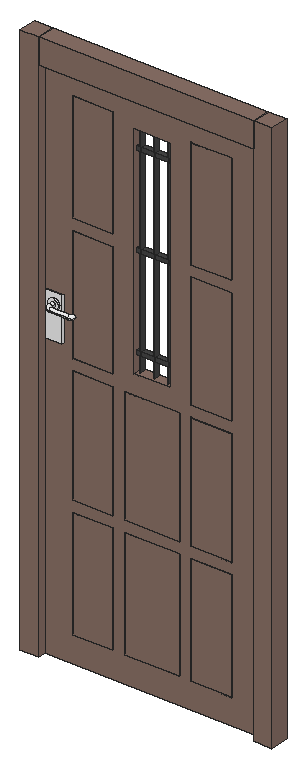
Revit family "DTI_A3-BSQTZMSOHS", category Doors, host Wall, Revit 2016 (continued)
Lines and regions (mm)
  model lines, style "Embossed carving"
    curve 929: arc (-222.81, 35, 1764.018) -> (-219.019, 35, 1762.707) -> (-216.497, 35, 1765.828) r 3.491
    curve 930: arc (-216.497, 35, 1765.828) -> (-209.668, 35, 1763.642) -> (-202.838, 35, 1765.828) r 11.764
    curve 931: arc (-202.838, 35, 1765.828) -> (-204.621, 35, 1763.524) -> (-206.924, 35, 1761.741) r 11.531
    curve 932: arc (-206.924, 35, 1761.741) -> (-203.842, 35, 1760.751) -> (-201.52, 35, 1758.494) r 7.098
    curve 933: arc (-201.52, 35, 1758.494) -> (-203.028, 35, 1755.731) -> (-206.074, 35, 1754.936) r 3.966
    curve 934: arc (-206.074, 35, 1754.936) -> (-201.77, 35, 1746.02) -> (-199.336, 35, 1736.423) r 49.267
    curve 935: arc (-199.336, 35, 1736.423) -> (-201.095, 35, 1726.202) -> (-208.585, 35, 1719.028) r 16.574
    curve 936: arc (-208.585, 35, 1719.028) -> (-201.095, 35, 1711.853) -> (-199.336, 35, 1701.632) r 16.574
    curve 937: arc (-199.336, 35, 1701.632) -> (-201.77, 35, 1692.035) -> (-206.074, 35, 1683.119) r 49.267
    curve 938: arc (-206.074, 35, 1683.119) -> (-203.028, 35, 1682.324) -> (-201.52, 35, 1679.561) r 3.966
    curve 939: arc (-201.52, 35, 1679.561) -> (-203.842, 35, 1677.305) -> (-206.924, 35, 1676.314) r 7.098
    curve 940: arc (-206.924, 35, 1676.314) -> (-204.621, 35, 1674.531) -> (-202.838, 35, 1672.227) r 11.531
    curve 941: arc (-202.838, 35, 1672.227) -> (-209.668, 35, 1674.413) -> (-216.497, 35, 1672.227) r 11.764
    curve 942: arc (-216.497, 35, 1672.227) -> (-219.019, 35, 1675.348) -> (-222.81, 35, 1674.038) r 3.491
    curve 943: arc (-222.81, 35, 1674.038) -> (-222.126, 35, 1672.733) -> (-222.066, 35, 1671.26) r 3.36
    curve 944: arc (-222.066, 35, 1671.26) -> (-224.471, 35, 1670.959) -> (-225.934, 35, 1669.028) r 3.118
    curve 945: arc (-225.934, 35, 1669.028) -> (-226.296, 35, 1670.121) -> (-226.973, 35, 1671.053) r 3.748
    curve 946: arc (-226.973, 35, 1767.002) -> (-227.651, 35, 1767.934) -> (-228.013, 35, 1769.028) r 3.748
    curve 947: arc (-228.013, 35, 1769.028) -> (-229.476, 35, 1767.096) -> (-231.88, 35, 1766.795) r 3.118
    curve 948: arc (-231.88, 35, 1766.795) -> (-231.82, 35, 1765.323) -> (-231.136, 35, 1764.018) r 3.36
    curve 949: arc (-231.136, 35, 1764.018) -> (-234.928, 35, 1762.707) -> (-237.449, 35, 1765.828) r 3.491
    curve 950: arc (-237.449, 35, 1765.828) -> (-244.279, 35, 1763.642) -> (-251.109, 35, 1765.828) r 11.764
    curve 951: arc (-251.109, 35, 1765.828) -> (-249.326, 35, 1763.524) -> (-247.022, 35, 1761.741) r 11.531
    curve 952: arc (-247.022, 35, 1761.741) -> (-250.105, 35, 1760.751) -> (-252.426, 35, 1758.494) r 7.098
    curve 953: arc (-252.426, 35, 1758.494) -> (-250.918, 35, 1755.731) -> (-247.872, 35, 1754.936) r 3.966
    curve 954: arc (-247.872, 35, 1754.936) -> (-252.176, 35, 1746.02) -> (-254.611, 35, 1736.423) r 49.267
    curve 955: arc (-254.611, 35, 1736.423) -> (-252.851, 35, 1726.202) -> (-245.361, 35, 1719.028) r 16.574
    curve 956: arc (-245.361, 35, 1719.028) -> (-252.851, 35, 1711.853) -> (-254.611, 35, 1701.632) r 16.574
    curve 957: arc (-254.611, 35, 1701.632) -> (-252.176, 35, 1692.035) -> (-247.872, 35, 1683.119) r 49.267
    curve 958: arc (-247.872, 35, 1683.119) -> (-250.918, 35, 1682.324) -> (-252.426, 35, 1679.561) r 3.966
    curve 959: arc (-252.426, 35, 1679.561) -> (-250.105, 35, 1677.305) -> (-247.022, 35, 1676.314) r 7.098
    curve 960: arc (-247.022, 35, 1676.314) -> (-249.326, 35, 1674.531) -> (-251.109, 35, 1672.227) r 11.531
    curve 961: arc (-251.109, 35, 1672.227) -> (-244.279, 35, 1674.413) -> (-237.449, 35, 1672.227) r 11.764
    curve 962: arc (-237.449, 35, 1672.227) -> (-234.928, 35, 1675.348) -> (-231.136, 35, 1674.038) r 3.491
    curve 963: arc (-231.136, 35, 1674.038) -> (-231.82, 35, 1672.733) -> (-231.88, 35, 1671.26) r 3.36
    curve 964: arc (-231.88, 35, 1671.26) -> (-229.476, 35, 1670.959) -> (-228.013, 35, 1669.028) r 3.118
    curve 965: arc (-228.013, 35, 1669.028) -> (-227.651, 35, 1670.121) -> (-226.973, 35, 1671.053) r 3.748
    curve 966: arc (-226.973, 35, 1622.002) -> (-226.296, 35, 1622.934) -> (-225.934, 35, 1624.028) r 3.748
    curve 967: arc (-225.934, 35, 1624.028) -> (-224.471, 35, 1622.096) -> (-222.066, 35, 1621.795) r 3.118
    curve 968: arc (-222.066, 35, 1621.795) -> (-222.126, 35, 1620.323) -> (-222.81, 35, 1619.018) r 3.36
    curve 969: arc (-222.81, 35, 1619.018) -> (-219.019, 35, 1617.707) -> (-216.497, 35, 1620.828) r 3.491
    curve 970: arc (-216.497, 35, 1620.828) -> (-209.668, 35, 1618.642) -> (-202.838, 35, 1620.828) r 11.764
    curve 971: arc (-202.838, 35, 1620.828) -> (-204.621, 35, 1618.524) -> (-206.924, 35, 1616.741) r 11.531
    curve 972: arc (-206.924, 35, 1616.741) -> (-203.842, 35, 1615.751) -> (-201.52, 35, 1613.494) r 7.098
    curve 973: arc (-201.52, 35, 1613.494) -> (-203.028, 35, 1610.731) -> (-206.074, 35, 1609.936) r 3.966
    curve 974: arc (-206.074, 35, 1609.936) -> (-201.77, 35, 1601.02) -> (-199.336, 35, 1591.423) r 49.267
    curve 975: arc (-199.336, 35, 1591.423) -> (-201.095, 35, 1581.202) -> (-208.585, 35, 1574.028) r 16.574
    curve 976: arc (-208.585, 35, 1574.028) -> (-201.095, 35, 1566.853) -> (-199.336, 35, 1556.632) r 16.574
    curve 977: arc (-199.336, 35, 1556.632) -> (-201.77, 35, 1547.035) -> (-206.074, 35, 1538.119) r 49.267
    curve 978: arc (-206.074, 35, 1538.119) -> (-203.028, 35, 1537.324) -> (-201.52, 35, 1534.561) r 3.966
    curve 979: arc (-201.52, 35, 1534.561) -> (-203.842, 35, 1532.305) -> (-206.924, 35, 1531.314) r 7.098
    curve 980: arc (-206.924, 35, 1531.314) -> (-204.621, 35, 1529.531) -> (-202.838, 35, 1527.227) r 11.531
    curve 981: arc (-202.838, 35, 1527.227) -> (-209.668, 35, 1529.413) -> (-216.497, 35, 1527.227) r 11.764
    curve 982: arc (-216.497, 35, 1527.227) -> (-219.019, 35, 1530.348) -> (-222.81, 35, 1529.038) r 3.491
    curve 983: arc (-222.81, 35, 1529.038) -> (-222.126, 35, 1527.733) -> (-222.066, 35, 1526.26) r 3.36
    curve 984: arc (-222.066, 35, 1526.26) -> (-224.471, 35, 1525.959) -> (-225.934, 35, 1524.028) r 3.118
    curve 985: arc (-225.934, 35, 1524.028) -> (-226.296, 35, 1525.121) -> (-226.973, 35, 1526.053) r 3.748
    curve 986: arc (-226.973, 35, 1622.002) -> (-227.651, 35, 1622.934) -> (-228.013, 35, 1624.028) r 3.748
    curve 987: arc (-228.013, 35, 1624.028) -> (-229.476, 35, 1622.096) -> (-231.88, 35, 1621.795) r 3.118
    curve 988: arc (-231.88, 35, 1621.795) -> (-231.82, 35, 1620.323) -> (-231.136, 35, 1619.018) r 3.36
    curve 989: arc (-231.136, 35, 1619.018) -> (-234.928, 35, 1617.707) -> (-237.449, 35, 1620.828) r 3.491
    curve 990: arc (-237.449, 35, 1620.828) -> (-244.279, 35, 1618.642) -> (-251.109, 35, 1620.828) r 11.764
    curve 991: arc (-251.109, 35, 1620.828) -> (-249.326, 35, 1618.524) -> (-247.022, 35, 1616.741) r 11.531
    curve 992: arc (-247.022, 35, 1616.741) -> (-250.105, 35, 1615.751) -> (-252.426, 35, 1613.494) r 7.098
    curve 993: arc (-252.426, 35, 1613.494) -> (-250.918, 35, 1610.731) -> (-247.872, 35, 1609.936) r 3.966
    curve 994: arc (-247.872, 35, 1609.936) -> (-252.176, 35, 1601.02) -> (-254.611, 35, 1591.423) r 49.267
    curve 995: arc (-254.611, 35, 1591.423) -> (-252.851, 35, 1581.202) -> (-245.361, 35, 1574.028) r 16.574
    curve 996: arc (-245.361, 35, 1574.028) -> (-252.851, 35, 1566.853) -> (-254.611, 35, 1556.632) r 16.574
    curve 997: arc (-254.611, 35, 1556.632) -> (-252.176, 35, 1547.035) -> (-247.872, 35, 1538.119) r 49.267
    curve 998: arc (-247.872, 35, 1538.119) -> (-250.918, 35, 1537.324) -> (-252.426, 35, 1534.561) r 3.966
    curve 999: arc (-252.426, 35, 1534.561) -> (-250.105, 35, 1532.305) -> (-247.022, 35, 1531.314) r 7.098
    curve 1000: arc (-247.022, 35, 1531.314) -> (-249.326, 35, 1529.531) -> (-251.109, 35, 1527.227) r 11.531
    curve 1001: arc (-251.109, 35, 1527.227) -> (-244.279, 35, 1529.413) -> (-237.449, 35, 1527.227) r 11.764
    curve 1002: arc (-237.449, 35, 1527.227) -> (-234.928, 35, 1530.348) -> (-231.136, 35, 1529.038) r 3.491
    curve 1003: arc (-231.136, 35, 1529.038) -> (-231.82, 35, 1527.733) -> (-231.88, 35, 1526.26) r 3.36
    curve 1004: arc (-231.88, 35, 1526.26) -> (-229.476, 35, 1525.959) -> (-228.013, 35, 1524.028) r 3.118
    curve 1005: arc (-228.013, 35, 1524.028) -> (-227.651, 35, 1525.121) -> (-226.973, 35, 1526.053) r 3.748
    curve 1006: arc (223.027, 35, 1903.137) -> (223.704, 35, 1904.069) -> (224.066, 35, 1905.163) r 3.748
    curve 1007: arc (224.066, 35, 1905.163) -> (225.529, 35, 1903.231) -> (227.934, 35, 1902.93) r 3.118
    curve 1008: arc (227.934, 35, 1902.93) -> (227.874, 35, 1901.458) -> (227.19, 35, 1900.153) r 3.36
    curve 1009: arc (227.19, 35, 1900.153) -> (230.981, 35, 1898.842) -> (233.503, 35, 1901.963) r 3.491
    curve 1010: arc (233.503, 35, 1901.963) -> (240.332, 35, 1899.777) -> (247.162, 35, 1901.963) r 11.764
    curve 1011: arc (247.162, 35, 1901.963) -> (245.379, 35, 1899.66) -> (243.076, 35, 1897.877) r 11.531
    curve 1012: arc (243.076, 35, 1897.877) -> (246.158, 35, 1896.886) -> (248.48, 35, 1894.629) r 7.098
    curve 1013: arc (248.48, 35, 1894.629) -> (246.972, 35, 1891.866) -> (243.926, 35, 1891.072) r 3.966
    curve 1014: arc (243.926, 35, 1891.072) -> (248.23, 35, 1882.155) -> (250.664, 35, 1872.558) r 49.267
    curve 1015: arc (250.664, 35, 1872.558) -> (248.905, 35, 1862.337) -> (241.415, 35, 1855.163) r 16.574
    curve 1016: arc (241.415, 35, 1855.163) -> (248.905, 35, 1847.989) -> (250.664, 35, 1837.767) r 16.574
    curve 1017: arc (250.664, 35, 1837.767) -> (248.23, 35, 1828.17) -> (243.926, 35, 1819.254) r 49.267
    curve 1018: arc (243.926, 35, 1819.254) -> (246.972, 35, 1818.459) -> (248.48, 35, 1815.696) r 3.966
    curve 1019: arc (248.48, 35, 1815.696) -> (246.158, 35, 1813.44) -> (243.076, 35, 1812.449) r 7.098
    curve 1020: arc (243.076, 35, 1812.449) -> (245.379, 35, 1810.666) -> (247.162, 35, 1808.363) r 11.531
    curve 1021: arc (247.162, 35, 1808.363) -> (240.332, 35, 1810.548) -> (233.503, 35, 1808.363) r 11.764
    curve 1022: arc (233.503, 35, 1808.363) -> (230.981, 35, 1811.483) -> (227.19, 35, 1810.173) r 3.491
    curve 1023: arc (227.19, 35, 1810.173) -> (227.874, 35, 1808.868) -> (227.934, 35, 1807.396) r 3.36
    curve 1024: arc (227.934, 35, 1807.396) -> (225.529, 35, 1807.095) -> (224.066, 35, 1805.163) r 3.118
    curve 1025: arc (224.066, 35, 1805.163) -> (223.704, 35, 1806.257) -> (223.027, 35, 1807.189) r 3.748
    curve 1026: arc (223.027, 35, 1903.137) -> (222.349, 35, 1904.069) -> (221.987, 35, 1905.163) r 3.748
    curve 1027: arc (221.987, 35, 1905.163) -> (220.524, 35, 1903.231) -> (218.12, 35, 1902.93) r 3.118
    curve 1028: arc (218.12, 35, 1902.93) -> (218.18, 35, 1901.458) -> (218.864, 35, 1900.153) r 3.36
    curve 1029: arc (218.864, 35, 1900.153) -> (215.072, 35, 1898.842) -> (212.551, 35, 1901.963) r 3.491
    curve 1030: arc (212.551, 35, 1901.963) -> (205.721, 35, 1899.777) -> (198.891, 35, 1901.963) r 11.764
    curve 1031: arc (198.891, 35, 1901.963) -> (200.674, 35, 1899.66) -> (202.978, 35, 1897.877) r 11.531
    curve 1032: arc (202.978, 35, 1897.877) -> (199.895, 35, 1896.886) -> (197.574, 35, 1894.629) r 7.098
    curve 1033: arc (197.574, 35, 1894.629) -> (199.082, 35, 1891.866) -> (202.128, 35, 1891.072) r 3.966
    curve 1034: arc (202.128, 35, 1891.072) -> (197.824, 35, 1882.155) -> (195.389, 35, 1872.558) r 49.267
    curve 1035: arc (195.389, 35, 1872.558) -> (197.149, 35, 1862.337) -> (204.639, 35, 1855.163) r 16.574
    curve 1036: arc (204.639, 35, 1855.163) -> (197.149, 35, 1847.989) -> (195.389, 35, 1837.767) r 16.574
    curve 1037: arc (195.389, 35, 1837.767) -> (197.824, 35, 1828.17) -> (202.128, 35, 1819.254) r 49.267
    curve 1038: arc (202.128, 35, 1819.254) -> (199.082, 35, 1818.459) -> (197.574, 35, 1815.696) r 3.966
    curve 1039: arc (197.574, 35, 1815.696) -> (199.895, 35, 1813.44) -> (202.978, 35, 1812.449) r 7.098
    curve 1040: arc (202.978, 35, 1812.449) -> (200.674, 35, 1810.666) -> (198.891, 35, 1808.363) r 11.531
    curve 1041: arc (198.891, 35, 1808.363) -> (205.721, 35, 1810.548) -> (212.551, 35, 1808.363) r 11.764
    curve 1042: arc (212.551, 35, 1808.363) -> (215.072, 35, 1811.483) -> (218.864, 35, 1810.173) r 3.491
    curve 1043: arc (218.864, 35, 1810.173) -> (218.18, 35, 1808.868) -> (218.12, 35, 1807.396) r 3.36
    curve 1044: arc (218.12, 35, 1807.396) -> (220.524, 35, 1807.095) -> (221.987, 35, 1805.163) r 3.118
    curve 1045: arc (221.987, 35, 1805.163) -> (222.349, 35, 1806.257) -> (223.027, 35, 1807.189) r 3.748
    curve 1126: arc (223.027, -5, 1767.263) -> (223.704, -5, 1768.195) -> (224.066, -5, 1769.288) r 3.748
    curve 1127: arc (224.066, -5, 1769.288) -> (225.529, -5, 1767.357) -> (227.934, -5, 1767.056) r 3.118
    curve 1128: arc (227.934, -5, 1767.056) -> (227.874, -5, 1765.584) -> (227.19, -5, 1764.279) r 3.36
    curve 1129: arc (227.19, -5, 1764.279) -> (230.981, -5, 1762.968) -> (233.503, -5, 1766.089) r 3.491
    curve 1130: arc (233.503, -5, 1766.089) -> (240.332, -5, 1763.903) -> (247.162, -5, 1766.089) r 11.764
    curve 1131: arc (247.162, -5, 1766.089) -> (245.379, -5, 1763.785) -> (243.076, -5, 1762.002) r 11.531
    curve 1132: arc (243.076, -5, 1762.002) -> (246.158, -5, 1761.012) -> (248.48, -5, 1758.755) r 7.098
    curve 1133: arc (248.48, -5, 1758.755) -> (246.972, -5, 1755.992) -> (243.926, -5, 1755.197) r 3.966
    curve 1134: arc (243.926, -5, 1755.197) -> (248.23, -5, 1746.281) -> (250.664, -5, 1736.684) r 49.267
    curve 1135: arc (250.664, -5, 1736.684) -> (248.905, -5, 1726.463) -> (241.415, -5, 1719.288) r 16.574
    curve 1136: arc (241.415, -5, 1719.288) -> (248.905, -5, 1712.114) -> (250.664, -5, 1701.893) r 16.574
    curve 1137: arc (250.664, -5, 1701.893) -> (248.23, -5, 1692.296) -> (243.926, -5, 1683.38) r 49.267
    curve 1138: arc (243.926, -5, 1683.38) -> (246.972, -5, 1682.585) -> (248.48, -5, 1679.822) r 3.966
    curve 1139: arc (248.48, -5, 1679.822) -> (246.158, -5, 1677.565) -> (243.076, -5, 1676.575) r 7.098
    curve 1140: arc (243.076, -5, 1676.575) -> (245.379, -5, 1674.792) -> (247.162, -5, 1672.488) r 11.531
    curve 1141: arc (247.162, -5, 1672.488) -> (240.332, -5, 1674.674) -> (233.503, -5, 1672.488) r 11.764
    curve 1142: arc (233.503, -5, 1672.488) -> (230.981, -5, 1675.609) -> (227.19, -5, 1674.298) r 3.491
    curve 1143: arc (227.19, -5, 1674.298) -> (227.874, -5, 1672.993) -> (227.934, -5, 1671.521) r 3.36
    curve 1144: arc (227.934, -5, 1671.521) -> (225.529, -5, 1671.22) -> (224.066, -5, 1669.288) r 3.118
    curve 1145: arc (224.066, -5, 1669.288) -> (223.704, -5, 1670.382) -> (223.027, -5, 1671.314) r 3.748
    curve 1146: arc (223.027, -5, 1767.263) -> (222.349, -5, 1768.195) -> (221.987, -5, 1769.288) r 3.748
    curve 1147: arc (221.987, -5, 1769.288) -> (220.524, -5, 1767.357) -> (218.12, -5, 1767.056) r 3.118
    curve 1148: arc (218.12, -5, 1767.056) -> (218.18, -5, 1765.584) -> (218.864, -5, 1764.279) r 3.36
    curve 1149: arc (218.864, -5, 1764.279) -> (215.072, -5, 1762.968) -> (212.551, -5, 1766.089) r 3.491
    curve 1150: arc (212.551, -5, 1766.089) -> (205.721, -5, 1763.903) -> (198.891, -5, 1766.089) r 11.764
    curve 1151: arc (198.891, -5, 1766.089) -> (200.674, -5, 1763.785) -> (202.978, -5, 1762.002) r 11.531
    curve 1152: arc (202.978, -5, 1762.002) -> (199.895, -5, 1761.012) -> (197.574, -5, 1758.755) r 7.098
    curve 1153: arc (197.574, -5, 1758.755) -> (199.082, -5, 1755.992) -> (202.128, -5, 1755.197) r 3.966
    curve 1154: arc (202.128, -5, 1755.197) -> (197.824, -5, 1746.281) -> (195.389, -5, 1736.684) r 49.267
    curve 1155: arc (195.389, -5, 1736.684) -> (197.149, -5, 1726.463) -> (204.639, -5, 1719.288) r 16.574
    curve 1156: arc (204.639, -5, 1719.288) -> (197.149, -5, 1712.114) -> (195.389, -5, 1701.893) r 16.574
    curve 1157: arc (195.389, -5, 1701.893) -> (197.824, -5, 1692.296) -> (202.128, -5, 1683.38) r 49.267
    curve 1158: arc (202.128, -5, 1683.38) -> (199.082, -5, 1682.585) -> (197.574, -5, 1679.822) r 3.966
    curve 1159: arc (197.574, -5, 1679.822) -> (199.895, -5, 1677.565) -> (202.978, -5, 1676.575) r 7.098
    curve 1160: arc (202.978, -5, 1676.575) -> (200.674, -5, 1674.792) -> (198.891, -5, 1672.488) r 11.531
    curve 1161: arc (198.891, -5, 1672.488) -> (205.721, -5, 1674.674) -> (212.551, -5, 1672.488) r 11.764
    curve 1162: arc (212.551, -5, 1672.488) -> (215.072, -5, 1675.609) -> (218.864, -5, 1674.298) r 3.491
    curve 1163: arc (218.864, -5, 1674.298) -> (218.18, -5, 1672.993) -> (218.12, -5, 1671.521) r 3.36
    curve 1164: arc (218.12, -5, 1671.521) -> (220.524, -5, 1671.22) -> (221.987, -5, 1669.288) r 3.118
    curve 1165: arc (221.987, -5, 1669.288) -> (222.349, -5, 1670.382) -> (223.027, -5, 1671.314) r 3.748
    curve 1166: arc (223.027, 35, 1763.398) -> (223.704, 35, 1764.33) -> (224.066, 35, 1765.424) r 3.748
    curve 1167: arc (224.066, 35, 1765.424) -> (225.529, 35, 1763.492) -> (227.934, 35, 1763.191) r 3.118
    curve 1168: arc (227.934, 35, 1763.191) -> (227.874, 35, 1761.719) -> (227.19, 35, 1760.414) r 3.36
    curve 1169: arc (227.19, 35, 1760.414) -> (230.981, 35, 1759.103) -> (233.503, 35, 1762.224) r 3.491
    curve 1170: arc (233.503, 35, 1762.224) -> (240.332, 35, 1760.038) -> (247.162, 35, 1762.224) r 11.764
    curve 1171: arc (247.162, 35, 1762.224) -> (245.379, 35, 1759.92) -> (243.076, 35, 1758.137) r 11.531
    curve 1172: arc (243.076, 35, 1758.137) -> (246.158, 35, 1757.147) -> (248.48, 35, 1754.89) r 7.098
    curve 1173: arc (248.48, 35, 1754.89) -> (246.972, 35, 1752.127) -> (243.926, 35, 1751.332) r 3.966
    curve 1174: arc (243.926, 35, 1751.332) -> (248.23, 35, 1742.416) -> (250.664, 35, 1732.819) r 49.267
    curve 1175: arc (250.664, 35, 1732.819) -> (248.905, 35, 1722.598) -> (241.415, 35, 1715.424) r 16.574
    curve 1176: arc (241.415, 35, 1715.424) -> (248.905, 35, 1708.249) -> (250.664, 35, 1698.028) r 16.574
    curve 1177: arc (250.664, 35, 1698.028) -> (248.23, 35, 1688.431) -> (243.926, 35, 1679.515) r 49.267
    curve 1178: arc (243.926, 35, 1679.515) -> (246.972, 35, 1678.72) -> (248.48, 35, 1675.957) r 3.966
    curve 1179: arc (248.48, 35, 1675.957) -> (246.158, 35, 1673.701) -> (243.076, 35, 1672.71) r 7.098
    curve 1180: arc (243.076, 35, 1672.71) -> (245.379, 35, 1670.927) -> (247.162, 35, 1668.623) r 11.531
    curve 1181: arc (247.162, 35, 1668.623) -> (240.332, 35, 1670.809) -> (233.503, 35, 1668.623) r 11.764
    curve 1182: arc (233.503, 35, 1668.623) -> (230.981, 35, 1671.744) -> (227.19, 35, 1670.434) r 3.491
    curve 1183: arc (227.19, 35, 1670.434) -> (227.874, 35, 1669.129) -> (227.934, 35, 1667.656) r 3.36
    curve 1184: arc (227.934, 35, 1667.656) -> (225.529, 35, 1667.355) -> (224.066, 35, 1665.424) r 3.118
    curve 1185: arc (224.066, 35, 1665.424) -> (223.704, 35, 1666.517) -> (223.027, 35, 1667.449) r 3.748
    curve 1186: arc (223.027, 35, 1763.398) -> (222.349, 35, 1764.33) -> (221.987, 35, 1765.424) r 3.748
    curve 1187: arc (221.987, 35, 1765.424) -> (220.524, 35, 1763.492) -> (218.12, 35, 1763.191) r 3.118
    curve 1188: arc (218.12, 35, 1763.191) -> (218.18, 35, 1761.719) -> (218.864, 35, 1760.414) r 3.36
    curve 1189: arc (218.864, 35, 1760.414) -> (215.072, 35, 1759.103) -> (212.551, 35, 1762.224) r 3.491
    curve 1190: arc (212.551, 35, 1762.224) -> (205.721, 35, 1760.038) -> (198.891, 35, 1762.224) r 11.764
    curve 1191: arc (198.891, 35, 1762.224) -> (200.674, 35, 1759.92) -> (202.978, 35, 1758.137) r 11.531
    curve 1192: arc (202.978, 35, 1758.137) -> (199.895, 35, 1757.147) -> (197.574, 35, 1754.89) r 7.098
    curve 1193: arc (197.574, 35, 1754.89) -> (199.082, 35, 1752.127) -> (202.128, 35, 1751.332) r 3.966
    curve 1194: arc (202.128, 35, 1751.332) -> (197.824, 35, 1742.416) -> (195.389, 35, 1732.819) r 49.267
    curve 1195: arc (195.389, 35, 1732.819) -> (197.149, 35, 1722.598) -> (204.639, 35, 1715.424) r 16.574
    curve 1196: arc (204.639, 35, 1715.424) -> (197.149, 35, 1708.249) -> (195.389, 35, 1698.028) r 16.574
    curve 1197: arc (195.389, 35, 1698.028) -> (197.824, 35, 1688.431) -> (202.128, 35, 1679.515) r 49.267
    curve 1198: arc (202.128, 35, 1679.515) -> (199.082, 35, 1678.72) -> (197.574, 35, 1675.957) r 3.966
    curve 1199: arc (197.574, 35, 1675.957) -> (199.895, 35, 1673.701) -> (202.978, 35, 1672.71) r 7.098
    curve 1200: arc (202.978, 35, 1672.71) -> (200.674, 35, 1670.927) -> (198.891, 35, 1668.623) r 11.531
    curve 1201: arc (198.891, 35, 1668.623) -> (205.721, 35, 1670.809) -> (212.551, 35, 1668.623) r 11.764
    curve 1202: arc (212.551, 35, 1668.623) -> (215.072, 35, 1671.744) -> (218.864, 35, 1670.434) r 3.491
    curve 1203: arc (218.864, 35, 1670.434) -> (218.18, 35, 1669.129) -> (218.12, 35, 1667.656) r 3.36
    curve 1204: arc (218.12, 35, 1667.656) -> (220.524, 35, 1667.355) -> (221.987, 35, 1665.424) r 3.118
    curve 1205: arc (221.987, 35, 1665.424) -> (222.349, 35, 1666.517) -> (223.027, 35, 1667.449) r 3.748
    curve 1206: arc (223.027, -5, 1625.867) -> (223.704, -5, 1626.799) -> (224.066, -5, 1627.892) r 3.748
    curve 1207: arc (224.066, -5, 1627.892) -> (225.529, -5, 1625.961) -> (227.934, -5, 1625.66) r 3.118
    curve 1208: arc (227.934, -5, 1625.66) -> (227.874, -5, 1624.187) -> (227.19, -5, 1622.883) r 3.36
    curve 1209: arc (227.19, -5, 1622.883) -> (230.981, -5, 1621.572) -> (233.503, -5, 1624.693) r 3.491
    curve 1210: arc (233.503, -5, 1624.693) -> (240.332, -5, 1622.507) -> (247.162, -5, 1624.693) r 11.764
    curve 1211: arc (247.162, -5, 1624.693) -> (245.379, -5, 1622.389) -> (243.076, -5, 1620.606) r 11.531
    curve 1212: arc (243.076, -5, 1620.606) -> (246.158, -5, 1619.616) -> (248.48, -5, 1617.359) r 7.098
    curve 1213: arc (248.48, -5, 1617.359) -> (246.972, -5, 1614.596) -> (243.926, -5, 1613.801) r 3.966
    curve 1214: arc (243.926, -5, 1613.801) -> (248.23, -5, 1604.885) -> (250.664, -5, 1595.288) r 49.267
    curve 1215: arc (250.664, -5, 1595.288) -> (248.905, -5, 1585.067) -> (241.415, -5, 1577.892) r 16.574
    curve 1216: arc (241.415, -5, 1577.892) -> (248.905, -5, 1570.718) -> (250.664, -5, 1560.497) r 16.574
    curve 1217: arc (250.664, -5, 1560.497) -> (248.23, -5, 1550.9) -> (243.926, -5, 1541.984) r 49.267
    curve 1218: arc (243.926, -5, 1541.984) -> (246.972, -5, 1541.189) -> (248.48, -5, 1538.426) r 3.966
    curve 1219: arc (248.48, -5, 1538.426) -> (246.158, -5, 1536.169) -> (243.076, -5, 1535.179) r 7.098
    curve 1220: arc (243.076, -5, 1535.179) -> (245.379, -5, 1533.396) -> (247.162, -5, 1531.092) r 11.531
    curve 1221: arc (247.162, -5, 1531.092) -> (240.332, -5, 1533.278) -> (233.503, -5, 1531.092) r 11.764
    curve 1222: arc (233.503, -5, 1531.092) -> (230.981, -5, 1534.213) -> (227.19, -5, 1532.902) r 3.491
    curve 1223: arc (227.19, -5, 1532.902) -> (227.874, -5, 1531.597) -> (227.934, -5, 1530.125) r 3.36
    curve 1224: arc (227.934, -5, 1530.125) -> (225.529, -5, 1529.824) -> (224.066, -5, 1527.892) r 3.118
    curve 1225: arc (224.066, -5, 1527.892) -> (223.704, -5, 1528.986) -> (223.027, -5, 1529.918) r 3.748
    curve 1226: arc (223.027, -5, 1625.867) -> (222.349, -5, 1626.799) -> (221.987, -5, 1627.892) r 3.748
    curve 1227: arc (221.987, -5, 1627.892) -> (220.524, -5, 1625.961) -> (218.12, -5, 1625.66) r 3.118
    curve 1228: arc (218.12, -5, 1625.66) -> (218.18, -5, 1624.187) -> (218.864, -5, 1622.883) r 3.36
    curve 1229: arc (218.864, -5, 1622.883) -> (215.072, -5, 1621.572) -> (212.551, -5, 1624.693) r 3.491
    curve 1230: arc (212.551, -5, 1624.693) -> (205.721, -5, 1622.507) -> (198.891, -5, 1624.693) r 11.764
    curve 1231: arc (198.891, -5, 1624.693) -> (200.674, -5, 1622.389) -> (202.978, -5, 1620.606) r 11.531
    curve 1232: arc (202.978, -5, 1620.606) -> (199.895, -5, 1619.616) -> (197.574, -5, 1617.359) r 7.098
    curve 1233: arc (197.574, -5, 1617.359) -> (199.082, -5, 1614.596) -> (202.128, -5, 1613.801) r 3.966
    curve 1234: arc (202.128, -5, 1613.801) -> (197.824, -5, 1604.885) -> (195.389, -5, 1595.288) r 49.267
    curve 1235: arc (195.389, -5, 1595.288) -> (197.149, -5, 1585.067) -> (204.639, -5, 1577.892) r 16.574
    curve 1236: arc (204.639, -5, 1577.892) -> (197.149, -5, 1570.718) -> (195.389, -5, 1560.497) r 16.574
    curve 1237: arc (195.389, -5, 1560.497) -> (197.824, -5, 1550.9) -> (202.128, -5, 1541.984) r 49.267
    curve 1238: arc (202.128, -5, 1541.984) -> (199.082, -5, 1541.189) -> (197.574, -5, 1538.426) r 3.966
    curve 1239: arc (197.574, -5, 1538.426) -> (199.895, -5, 1536.169) -> (202.978, -5, 1535.179) r 7.098
    curve 1240: arc (202.978, -5, 1535.179) -> (200.674, -5, 1533.396) -> (198.891, -5, 1531.092) r 11.531
    curve 1241: arc (198.891, -5, 1531.092) -> (205.721, -5, 1533.278) -> (212.551, -5, 1531.092) r 11.764
    curve 1242: arc (212.551, -5, 1531.092) -> (215.072, -5, 1534.213) -> (218.864, -5, 1532.902) r 3.491
    curve 1243: arc (218.864, -5, 1532.902) -> (218.18, -5, 1531.597) -> (218.12, -5, 1530.125) r 3.36
    curve 1244: arc (218.12, -5, 1530.125) -> (220.524, -5, 1529.824) -> (221.987, -5, 1527.892) r 3.118
    curve 1245: arc (221.987, -5, 1527.892) -> (222.349, -5, 1528.986) -> (223.027, -5, 1529.918) r 3.748
    curve 1246: arc (223.027, 35, 1622.002) -> (223.704, 35, 1622.934) -> (224.066, 35, 1624.028) r 3.748
    curve 1247: arc (224.066, 35, 1624.028) -> (225.529, 35, 1622.096) -> (227.934, 35, 1621.795) r 3.118
    curve 1248: arc (227.934, 35, 1621.795) -> (227.874, 35, 1620.323) -> (227.19, 35, 1619.018) r 3.36
    curve 1249: arc (227.19, 35, 1619.018) -> (230.981, 35, 1617.707) -> (233.503, 35, 1620.828) r 3.491
    curve 1250: arc (233.503, 35, 1620.828) -> (240.332, 35, 1618.642) -> (247.162, 35, 1620.828) r 11.764
    curve 1251: arc (247.162, 35, 1620.828) -> (245.379, 35, 1618.524) -> (243.076, 35, 1616.741) r 11.531
    curve 1252: arc (243.076, 35, 1616.741) -> (246.158, 35, 1615.751) -> (248.48, 35, 1613.494) r 7.098
    curve 1253: arc (248.48, 35, 1613.494) -> (246.972, 35, 1610.731) -> (243.926, 35, 1609.936) r 3.966
    curve 1254: arc (243.926, 35, 1609.936) -> (248.23, 35, 1601.02) -> (250.664, 35, 1591.423) r 49.267
    curve 1255: arc (250.664, 35, 1591.423) -> (248.905, 35, 1581.202) -> (241.415, 35, 1574.028) r 16.574
    curve 1256: arc (241.415, 35, 1574.028) -> (248.905, 35, 1566.853) -> (250.664, 35, 1556.632) r 16.574
    curve 1257: arc (250.664, 35, 1556.632) -> (248.23, 35, 1547.035) -> (243.926, 35, 1538.119) r 49.267
    curve 1258: arc (243.926, 35, 1538.119) -> (246.972, 35, 1537.324) -> (248.48, 35, 1534.561) r 3.966
    curve 1259: arc (248.48, 35, 1534.561) -> (246.158, 35, 1532.305) -> (243.076, 35, 1531.314) r 7.098
    curve 1260: arc (243.076, 35, 1531.314) -> (245.379, 35, 1529.531) -> (247.162, 35, 1527.227) r 11.531
    curve 1261: arc (247.162, 35, 1527.227) -> (240.332, 35, 1529.413) -> (233.503, 35, 1527.227) r 11.764
    curve 1262: arc (233.503, 35, 1527.227) -> (230.981, 35, 1530.348) -> (227.19, 35, 1529.038) r 3.491
    curve 1263: arc (227.19, 35, 1529.038) -> (227.874, 35, 1527.733) -> (227.934, 35, 1526.26) r 3.36
    curve 1264: arc (227.934, 35, 1526.26) -> (225.529, 35, 1525.959) -> (224.066, 35, 1524.028) r 3.118
    curve 1265: arc (224.066, 35, 1524.028) -> (223.704, 35, 1525.121) -> (223.027, 35, 1526.053) r 3.748
    curve 1266: arc (223.027, 35, 1622.002) -> (222.349, 35, 1622.934) -> (221.987, 35, 1624.028) r 3.748
    curve 1267: arc (221.987, 35, 1624.028) -> (220.524, 35, 1622.096) -> (218.12, 35, 1621.795) r 3.118
    curve 1268: arc (218.12, 35, 1621.795) -> (218.18, 35, 1620.323) -> (218.864, 35, 1619.018) r 3.36
    curve 1269: arc (218.864, 35, 1619.018) -> (215.072, 35, 1617.707) -> (212.551, 35, 1620.828) r 3.491
    curve 1270: arc (212.551, 35, 1620.828) -> (205.721, 35, 1618.642) -> (198.891, 35, 1620.828) r 11.764
    curve 1271: arc (198.891, 35, 1620.828) -> (200.674, 35, 1618.524) -> (202.978, 35, 1616.741) r 11.531
    curve 1272: arc (202.978, 35, 1616.741) -> (199.895, 35, 1615.751) -> (197.574, 35, 1613.494) r 7.098
    curve 1273: arc (197.574, 35, 1613.494) -> (199.082, 35, 1610.731) -> (202.128, 35, 1609.936) r 3.966
    curve 1274: arc (202.128, 35, 1609.936) -> (197.824, 35, 1601.02) -> (195.389, 35, 1591.423) r 49.267
    curve 1275: arc (195.389, 35, 1591.423) -> (197.149, 35, 1581.202) -> (204.639, 35, 1574.028) r 16.574
    curve 1276: arc (204.639, 35, 1574.028) -> (197.149, 35, 1566.853) -> (195.389, 35, 1556.632) r 16.574
    curve 1277: arc (195.389, 35, 1556.632) -> (197.824, 35, 1547.035) -> (202.128, 35, 1538.119) r 49.267
    curve 1278: arc (202.128, 35, 1538.119) -> (199.082, 35, 1537.324) -> (197.574, 35, 1534.561) r 3.966
    curve 1279: arc (197.574, 35, 1534.561) -> (199.895, 35, 1532.305) -> (202.978, 35, 1531.314) r 7.098
    curve 1280: arc (202.978, 35, 1531.314) -> (200.674, 35, 1529.531) -> (198.891, 35, 1527.227) r 11.531
    curve 1281: arc (198.891, 35, 1527.227) -> (205.721, 35, 1529.413) -> (212.551, 35, 1527.227) r 11.764
    curve 1282: arc (212.551, 35, 1527.227) -> (215.072, 35, 1530.348) -> (218.864, 35, 1529.038) r 3.491
    curve 1283: arc (218.864, 35, 1529.038) -> (218.18, 35, 1527.733) -> (218.12, 35, 1526.26) r 3.36
    curve 1284: arc (218.12, 35, 1526.26) -> (220.524, 35, 1525.959) -> (221.987, 35, 1524.028) r 3.118
    curve 1285: arc (221.987, 35, 1524.028) -> (222.349, 35, 1525.121) -> (223.027, 35, 1526.053) r 3.748
    curve 1286: arc (223.027, -5, 1439.537) -> (223.704, -5, 1440.469) -> (224.066, -5, 1441.562) r 3.748
    curve 1287: arc (224.066, -5, 1441.562) -> (225.529, -5, 1439.631) -> (227.934, -5, 1439.33) r 3.118
    curve 1288: arc (227.934, -5, 1439.33) -> (227.874, -5, 1437.857) -> (227.19, -5, 1436.553) r 3.36
    curve 1289: arc (227.19, -5, 1436.553) -> (230.981, -5, 1435.242) -> (233.503, -5, 1438.363) r 3.491
    curve 1290: arc (233.503, -5, 1438.363) -> (240.332, -5, 1436.177) -> (247.162, -5, 1438.363) r 11.764
    curve 1291: arc (247.162, -5, 1438.363) -> (245.379, -5, 1436.059) -> (243.076, -5, 1434.276) r 11.531
    curve 1292: arc (243.076, -5, 1434.276) -> (246.158, -5, 1433.286) -> (248.48, -5, 1431.029) r 7.098
    curve 1293: arc (248.48, -5, 1431.029) -> (246.972, -5, 1428.266) -> (243.926, -5, 1427.471) r 3.966
    curve 1294: arc (243.926, -5, 1427.471) -> (248.23, -5, 1418.555) -> (250.664, -5, 1408.958) r 49.267
    curve 1295: arc (250.664, -5, 1408.958) -> (248.905, -5, 1398.737) -> (241.415, -5, 1391.562) r 16.574
    curve 1296: arc (241.415, -5, 1391.562) -> (248.905, -5, 1384.388) -> (250.664, -5, 1374.167) r 16.574
    curve 1297: arc (250.664, -5, 1374.167) -> (248.23, -5, 1364.57) -> (243.926, -5, 1355.654) r 49.267
    curve 1298: arc (243.926, -5, 1355.654) -> (246.972, -5, 1354.859) -> (248.48, -5, 1352.096) r 3.966
    curve 1299: arc (248.48, -5, 1352.096) -> (246.158, -5, 1349.839) -> (243.076, -5, 1348.849) r 7.098
    curve 1300: arc (243.076, -5, 1348.849) -> (245.379, -5, 1347.066) -> (247.162, -5, 1344.762) r 11.531
    curve 1301: arc (247.162, -5, 1344.762) -> (240.332, -5, 1346.948) -> (233.503, -5, 1344.762) r 11.764
    curve 1302: arc (233.503, -5, 1344.762) -> (230.981, -5, 1347.883) -> (227.19, -5, 1346.572) r 3.491
    curve 1303: arc (227.19, -5, 1346.572) -> (227.874, -5, 1345.267) -> (227.934, -5, 1343.795) r 3.36
    curve 1304: arc (227.934, -5, 1343.795) -> (225.529, -5, 1343.494) -> (224.066, -5, 1341.562) r 3.118
    curve 1305: arc (224.066, -5, 1341.562) -> (223.704, -5, 1342.656) -> (223.027, -5, 1343.588) r 3.748
    curve 1306: arc (223.027, -5, 1439.537) -> (222.349, -5, 1440.469) -> (221.987, -5, 1441.562) r 3.748
    curve 1307: arc (221.987, -5, 1441.562) -> (220.524, -5, 1439.631) -> (218.12, -5, 1439.33) r 3.118
    curve 1308: arc (218.12, -5, 1439.33) -> (218.18, -5, 1437.857) -> (218.864, -5, 1436.553) r 3.36
    curve 1309: arc (218.864, -5, 1436.553) -> (215.072, -5, 1435.242) -> (212.551, -5, 1438.363) r 3.491
    curve 1310: arc (212.551, -5, 1438.363) -> (205.721, -5, 1436.177) -> (198.891, -5, 1438.363) r 11.764
    curve 1311: arc (198.891, -5, 1438.363) -> (200.674, -5, 1436.059) -> (202.978, -5, 1434.276) r 11.531
    curve 1312: arc (202.978, -5, 1434.276) -> (199.895, -5, 1433.286) -> (197.574, -5, 1431.029) r 7.098
    curve 1313: arc (197.574, -5, 1431.029) -> (199.082, -5, 1428.266) -> (202.128, -5, 1427.471) r 3.966
    curve 1314: arc (202.128, -5, 1427.471) -> (197.824, -5, 1418.555) -> (195.389, -5, 1408.958) r 49.267
    curve 1315: arc (195.389, -5, 1408.958) -> (197.149, -5, 1398.737) -> (204.639, -5, 1391.562) r 16.574
    curve 1316: arc (204.639, -5, 1391.562) -> (197.149, -5, 1384.388) -> (195.389, -5, 1374.167) r 16.574
    curve 1317: arc (195.389, -5, 1374.167) -> (197.824, -5, 1364.57) -> (202.128, -5, 1355.654) r 49.267
    curve 1318: arc (202.128, -5, 1355.654) -> (199.082, -5, 1354.859) -> (197.574, -5, 1352.096) r 3.966
    curve 1319: arc (197.574, -5, 1352.096) -> (199.895, -5, 1349.839) -> (202.978, -5, 1348.849) r 7.098
    curve 1320: arc (202.978, -5, 1348.849) -> (200.674, -5, 1347.066) -> (198.891, -5, 1344.762) r 11.531
    curve 1321: arc (198.891, -5, 1344.762) -> (205.721, -5, 1346.948) -> (212.551, -5, 1344.762) r 11.764
    curve 1322: arc (212.551, -5, 1344.762) -> (215.072, -5, 1347.883) -> (218.864, -5, 1346.572) r 3.491
    curve 1323: arc (218.864, -5, 1346.572) -> (218.18, -5, 1345.267) -> (218.12, -5, 1343.795) r 3.36
    curve 1324: arc (218.12, -5, 1343.795) -> (220.524, -5, 1343.494) -> (221.987, -5, 1341.562) r 3.118
    curve 1325: arc (221.987, -5, 1341.562) -> (222.349, -5, 1342.656) -> (223.027, -5, 1343.588) r 3.748
    curve 1326: arc (223.027, 35, 1435.672) -> (223.704, 35, 1436.604) -> (224.066, 35, 1437.698) r 3.748
    curve 1327: arc (224.066, 35, 1437.698) -> (225.529, 35, 1435.766) -> (227.934, 35, 1435.465) r 3.118
    curve 1328: arc (227.934, 35, 1435.465) -> (227.874, 35, 1433.993) -> (227.19, 35, 1432.688) r 3.36
    curve 1329: arc (227.19, 35, 1432.688) -> (230.981, 35, 1431.377) -> (233.503, 35, 1434.498) r 3.491
    curve 1330: arc (233.503, 35, 1434.498) -> (240.332, 35, 1432.312) -> (247.162, 35, 1434.498) r 11.764
    curve 1331: arc (247.162, 35, 1434.498) -> (245.379, 35, 1432.194) -> (243.076, 35, 1430.411) r 11.531
    curve 1332: arc (243.076, 35, 1430.411) -> (246.158, 35, 1429.421) -> (248.48, 35, 1427.164) r 7.098
    curve 1333: arc (248.48, 35, 1427.164) -> (246.972, 35, 1424.401) -> (243.926, 35, 1423.606) r 3.966
    curve 1334: arc (243.926, 35, 1423.606) -> (248.23, 35, 1414.69) -> (250.664, 35, 1405.093) r 49.267
    curve 1335: arc (250.664, 35, 1405.093) -> (248.905, 35, 1394.872) -> (241.415, 35, 1387.698) r 16.574
    curve 1336: arc (241.415, 35, 1387.698) -> (248.905, 35, 1380.523) -> (250.664, 35, 1370.302) r 16.574
    curve 1337: arc (250.664, 35, 1370.302) -> (248.23, 35, 1360.705) -> (243.926, 35, 1351.789) r 49.267
    curve 1338: arc (243.926, 35, 1351.789) -> (246.972, 35, 1350.994) -> (248.48, 35, 1348.231) r 3.966
    curve 1339: arc (248.48, 35, 1348.231) -> (246.158, 35, 1345.974) -> (243.076, 35, 1344.984) r 7.098
    curve 1340: arc (243.076, 35, 1344.984) -> (245.379, 35, 1343.201) -> (247.162, 35, 1340.897) r 11.531
    curve 1341: arc (247.162, 35, 1340.897) -> (240.332, 35, 1343.083) -> (233.503, 35, 1340.897) r 11.764
    curve 1342: arc (233.503, 35, 1340.897) -> (230.981, 35, 1344.018) -> (227.19, 35, 1342.708) r 3.491
    curve 1343: arc (227.19, 35, 1342.708) -> (227.874, 35, 1341.403) -> (227.934, 35, 1339.93) r 3.36
    curve 1344: arc (227.934, 35, 1339.93) -> (225.529, 35, 1339.629) -> (224.066, 35, 1337.698) r 3.118
    curve 1345: arc (224.066, 35, 1337.698) -> (223.704, 35, 1338.791) -> (223.027, 35, 1339.723) r 3.748
    curve 1346: arc (223.027, 35, 1435.672) -> (222.349, 35, 1436.604) -> (221.987, 35, 1437.698) r 3.748
    curve 1347: arc (221.987, 35, 1437.698) -> (220.524, 35, 1435.766) -> (218.12, 35, 1435.465) r 3.118
    curve 1348: arc (218.12, 35, 1435.465) -> (218.18, 35, 1433.993) -> (218.864, 35, 1432.688) r 3.36
    curve 1349: arc (218.864, 35, 1432.688) -> (215.072, 35, 1431.377) -> (212.551, 35, 1434.498) r 3.491
    curve 1350: arc (212.551, 35, 1434.498) -> (205.721, 35, 1432.312) -> (198.891, 35, 1434.498) r 11.764
    curve 1351: arc (198.891, 35, 1434.498) -> (200.674, 35, 1432.194) -> (202.978, 35, 1430.411) r 11.531
    curve 1352: arc (202.978, 35, 1430.411) -> (199.895, 35, 1429.421) -> (197.574, 35, 1427.164) r 7.098
    curve 1353: arc (197.574, 35, 1427.164) -> (199.082, 35, 1424.401) -> (202.128, 35, 1423.606) r 3.966
    curve 1354: arc (202.128, 35, 1423.606) -> (197.824, 35, 1414.69) -> (195.389, 35, 1405.093) r 49.267
    curve 1355: arc (195.389, 35, 1405.093) -> (197.149, 35, 1394.872) -> (204.639, 35, 1387.698) r 16.574
    curve 1356: arc (204.639, 35, 1387.698) -> (197.149, 35, 1380.523) -> (195.389, 35, 1370.302) r 16.574
    curve 1357: arc (195.389, 35, 1370.302) -> (197.824, 35, 1360.705) -> (202.128, 35, 1351.789) r 49.267
    curve 1358: arc (202.128, 35, 1351.789) -> (199.082, 35, 1350.994) -> (197.574, 35, 1348.231) r 3.966
    curve 1359: arc (197.574, 35, 1348.231) -> (199.895, 35, 1345.974) -> (202.978, 35, 1344.984) r 7.098
    curve 1360: arc (202.978, 35, 1344.984) -> (200.674, 35, 1343.201) -> (198.891, 35, 1340.897) r 11.531
    curve 1361: arc (198.891, 35, 1340.897) -> (205.721, 35, 1343.083) -> (212.551, 35, 1340.897) r 11.764
    curve 1362: arc (212.551, 35, 1340.897) -> (215.072, 35, 1344.018) -> (218.864, 35, 1342.708) r 3.491
    curve 1363: arc (218.864, 35, 1342.708) -> (218.18, 35, 1341.403) -> (218.12, 35, 1339.93) r 3.36
    curve 1364: arc (218.12, 35, 1339.93) -> (220.524, 35, 1339.629) -> (221.987, 35, 1337.698) r 3.118
    curve 1365: arc (221.987, 35, 1337.698) -> (222.349, 35, 1338.791) -> (223.027, 35, 1339.723) r 3.748
    curve 1366: arc (223.027, -5, 1299.798) -> (223.704, -5, 1300.73) -> (224.066, -5, 1301.823) r 3.748
    curve 1367: arc (224.066, -5, 1301.823) -> (225.529, -5, 1299.892) -> (227.934, -5, 1299.59) r 3.118
    curve 1368: arc (227.934, -5, 1299.59) -> (227.874, -5, 1298.118) -> (227.19, -5, 1296.813) r 3.36
    curve 1369: arc (227.19, -5, 1296.813) -> (230.981, -5, 1295.503) -> (233.503, -5, 1298.624) r 3.491
    curve 1370: arc (233.503, -5, 1298.624) -> (240.332, -5, 1296.438) -> (247.162, -5, 1298.624) r 11.764
    curve 1371: arc (247.162, -5, 1298.624) -> (245.379, -5, 1296.32) -> (243.076, -5, 1294.537) r 11.531
    curve 1372: arc (243.076, -5, 1294.537) -> (246.158, -5, 1293.546) -> (248.48, -5, 1291.29) r 7.098
    curve 1373: arc (248.48, -5, 1291.29) -> (246.972, -5, 1288.527) -> (243.926, -5, 1287.732) r 3.966
    curve 1374: arc (243.926, -5, 1287.732) -> (248.23, -5, 1278.816) -> (250.664, -5, 1269.219) r 49.267
    curve 1375: arc (250.664, -5, 1269.219) -> (248.905, -5, 1258.998) -> (241.415, -5, 1251.823) r 16.574
    curve 1376: arc (241.415, -5, 1251.823) -> (248.905, -5, 1244.649) -> (250.664, -5, 1234.428) r 16.574
    curve 1377: arc (250.664, -5, 1234.428) -> (248.23, -5, 1224.831) -> (243.926, -5, 1215.915) r 49.267
    curve 1378: arc (243.926, -5, 1215.915) -> (246.972, -5, 1215.12) -> (248.48, -5, 1212.357) r 3.966
    curve 1379: arc (248.48, -5, 1212.357) -> (246.158, -5, 1210.1) -> (243.076, -5, 1209.11) r 7.098
    curve 1380: arc (243.076, -5, 1209.11) -> (245.379, -5, 1207.326) -> (247.162, -5, 1205.023) r 11.531
    curve 1381: arc (247.162, -5, 1205.023) -> (240.332, -5, 1207.209) -> (233.503, -5, 1205.023) r 11.764
    curve 1382: arc (233.503, -5, 1205.023) -> (230.981, -5, 1208.144) -> (227.19, -5, 1206.833) r 3.491
    curve 1383: arc (227.19, -5, 1206.833) -> (227.874, -5, 1205.528) -> (227.934, -5, 1204.056) r 3.36
    curve 1384: arc (227.934, -5, 1204.056) -> (225.529, -5, 1203.755) -> (224.066, -5, 1201.823) r 3.118
    curve 1385: arc (224.066, -5, 1201.823) -> (223.704, -5, 1202.917) -> (223.027, -5, 1203.849) r 3.748
    curve 1386: arc (223.027, -5, 1299.798) -> (222.349, -5, 1300.73) -> (221.987, -5, 1301.823) r 3.748
    curve 1387: arc (221.987, -5, 1301.823) -> (220.524, -5, 1299.892) -> (218.12, -5, 1299.59) r 3.118
    curve 1388: arc (218.12, -5, 1299.59) -> (218.18, -5, 1298.118) -> (218.864, -5, 1296.813) r 3.36
    curve 1389: arc (218.864, -5, 1296.813) -> (215.072, -5, 1295.503) -> (212.551, -5, 1298.624) r 3.491
    curve 1390: arc (212.551, -5, 1298.624) -> (205.721, -5, 1296.438) -> (198.891, -5, 1298.624) r 11.764
    curve 1391: arc (198.891, -5, 1298.624) -> (200.674, -5, 1296.32) -> (202.978, -5, 1294.537) r 11.531
    curve 1392: arc (202.978, -5, 1294.537) -> (199.895, -5, 1293.546) -> (197.574, -5, 1291.29) r 7.098
    curve 1393: arc (197.574, -5, 1291.29) -> (199.082, -5, 1288.527) -> (202.128, -5, 1287.732) r 3.966
    curve 1394: arc (202.128, -5, 1287.732) -> (197.824, -5, 1278.816) -> (195.389, -5, 1269.219) r 49.267
    curve 1395: arc (195.389, -5, 1269.219) -> (197.149, -5, 1258.998) -> (204.639, -5, 1251.823) r 16.574
    curve 1396: arc (204.639, -5, 1251.823) -> (197.149, -5, 1244.649) -> (195.389, -5, 1234.428) r 16.574
    curve 1397: arc (195.389, -5, 1234.428) -> (197.824, -5, 1224.831) -> (202.128, -5, 1215.915) r 49.267
    curve 1398: arc (202.128, -5, 1215.915) -> (199.082, -5, 1215.12) -> (197.574, -5, 1212.357) r 3.966
    curve 1399: arc (197.574, -5, 1212.357) -> (199.895, -5, 1210.1) -> (202.978, -5, 1209.11) r 7.098
    curve 1400: arc (202.978, -5, 1209.11) -> (200.674, -5, 1207.326) -> (198.891, -5, 1205.023) r 11.531
    curve 1401: arc (198.891, -5, 1205.023) -> (205.721, -5, 1207.209) -> (212.551, -5, 1205.023) r 11.764
    curve 1402: arc (212.551, -5, 1205.023) -> (215.072, -5, 1208.144) -> (218.864, -5, 1206.833) r 3.491
    curve 1403: arc (218.864, -5, 1206.833) -> (218.18, -5, 1205.528) -> (218.12, -5, 1204.056) r 3.36
    curve 1404: arc (218.12, -5, 1204.056) -> (220.524, -5, 1203.755) -> (221.987, -5, 1201.823) r 3.118
    curve 1405: arc (221.987, -5, 1201.823) -> (222.349, -5, 1202.917) -> (223.027, -5, 1203.849) r 3.748
    curve 1406: arc (223.027, 35, 1295.933) -> (223.704, 35, 1296.865) -> (224.066, 35, 1297.958) r 3.748
    curve 1407: arc (224.066, 35, 1297.958) -> (225.529, 35, 1296.027) -> (227.934, 35, 1295.726) r 3.118
    curve 1408: arc (227.934, 35, 1295.726) -> (227.874, 35, 1294.253) -> (227.19, 35, 1292.949) r 3.36
    curve 1409: arc (227.19, 35, 1292.949) -> (230.981, 35, 1291.638) -> (233.503, 35, 1294.759) r 3.491
    curve 1410: arc (233.503, 35, 1294.759) -> (240.332, 35, 1292.573) -> (247.162, 35, 1294.759) r 11.764
    curve 1411: arc (247.162, 35, 1294.759) -> (245.379, 35, 1292.455) -> (243.076, 35, 1290.672) r 11.531
    curve 1412: arc (243.076, 35, 1290.672) -> (246.158, 35, 1289.682) -> (248.48, 35, 1287.425) r 7.098
    curve 1413: arc (248.48, 35, 1287.425) -> (246.972, 35, 1284.662) -> (243.926, 35, 1283.867) r 3.966
    curve 1414: arc (243.926, 35, 1283.867) -> (248.23, 35, 1274.951) -> (250.664, 35, 1265.354) r 49.267
    curve 1415: arc (250.664, 35, 1265.354) -> (248.905, 35, 1255.133) -> (241.415, 35, 1247.958) r 16.574
    curve 1416: arc (241.415, 35, 1247.958) -> (248.905, 35, 1240.784) -> (250.664, 35, 1230.563) r 16.574
    curve 1417: arc (250.664, 35, 1230.563) -> (248.23, 35, 1220.966) -> (243.926, 35, 1212.05) r 49.267
    curve 1418: arc (243.926, 35, 1212.05) -> (246.972, 35, 1211.255) -> (248.48, 35, 1208.492) r 3.966
    curve 1419: arc (248.48, 35, 1208.492) -> (246.158, 35, 1206.235) -> (243.076, 35, 1205.245) r 7.098
    curve 1420: arc (243.076, 35, 1205.245) -> (245.379, 35, 1203.462) -> (247.162, 35, 1201.158) r 11.531
    curve 1421: arc (247.162, 35, 1201.158) -> (240.332, 35, 1203.344) -> (233.503, 35, 1201.158) r 11.764
    curve 1422: arc (233.503, 35, 1201.158) -> (230.981, 35, 1204.279) -> (227.19, 35, 1202.968) r 3.491
    curve 1423: arc (227.19, 35, 1202.968) -> (227.874, 35, 1201.663) -> (227.934, 35, 1200.191) r 3.36
    curve 1424: arc (227.934, 35, 1200.191) -> (225.529, 35, 1199.89) -> (224.066, 35, 1197.958) r 3.118
    curve 1425: arc (224.066, 35, 1197.958) -> (223.704, 35, 1199.052) -> (223.027, 35, 1199.984) r 3.748
    curve 1426: arc (223.027, 35, 1295.933) -> (222.349, 35, 1296.865) -> (221.987, 35, 1297.958) r 3.748
    curve 1427: arc (221.987, 35, 1297.958) -> (220.524, 35, 1296.027) -> (218.12, 35, 1295.726) r 3.118
    curve 1428: arc (218.12, 35, 1295.726) -> (218.18, 35, 1294.253) -> (218.864, 35, 1292.949) r 3.36
    curve 1429: arc (218.864, 35, 1292.949) -> (215.072, 35, 1291.638) -> (212.551, 35, 1294.759) r 3.491
    curve 1430: arc (212.551, 35, 1294.759) -> (205.721, 35, 1292.573) -> (198.891, 35, 1294.759) r 11.764
    curve 1431: arc (198.891, 35, 1294.759) -> (200.674, 35, 1292.455) -> (202.978, 35, 1290.672) r 11.531
    curve 1432: arc (202.978, 35, 1290.672) -> (199.895, 35, 1289.682) -> (197.574, 35, 1287.425) r 7.098
    curve 1433: arc (197.574, 35, 1287.425) -> (199.082, 35, 1284.662) -> (202.128, 35, 1283.867) r 3.966
    curve 1434: arc (202.128, 35, 1283.867) -> (197.824, 35, 1274.951) -> (195.389, 35, 1265.354) r 49.267
    curve 1435: arc (195.389, 35, 1265.354) -> (197.149, 35, 1255.133) -> (204.639, 35, 1247.958) r 16.574
